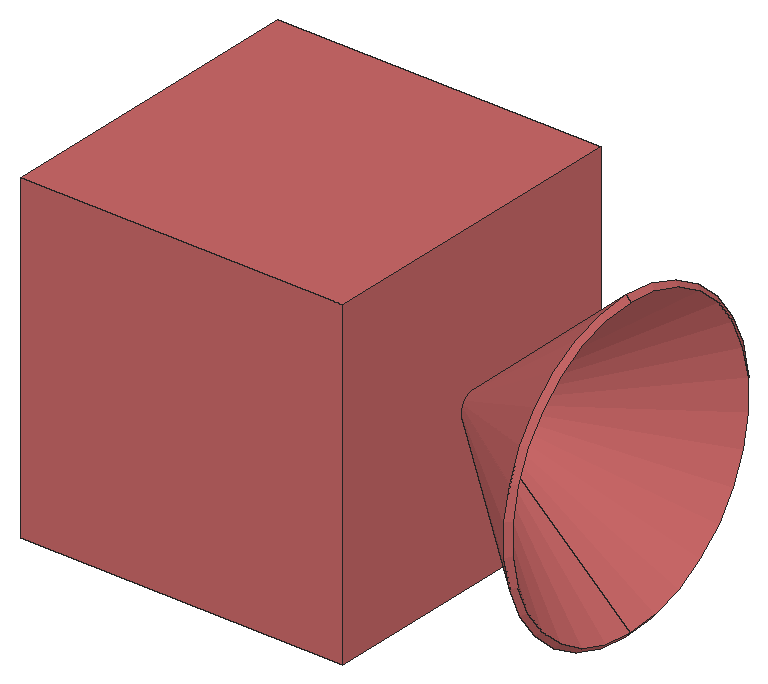
Revit family "PKNail Fire Alarm Horn", category Fire Alarm Devices, host Wall, Revit 2017
Family settings
  Host = Wall
  Maintain Annotation Orientation = Yes
  Round Connector Dimension = Use Diameter
  Part Type = Normal
  OmniClass Number = 23.85.30.21.11
  OmniClass Title = Fire Detection, Monitoring and Alarm
  Always vertical = Yes
  Cut with Voids When Loaded = No
  Shared = No
  Room Calculation Point = No
Parameters (values of type "Fire Alarm Horn")
  PKNail Family Measure Location Centered = yes
  PKNail Family Instance Elevation [instance] = 6' - 3"
  Label = "F"
  Alarm Material = Painted Metal - Red
  Assembly Code = "D5030700"
Reference planes (in)
  plane 1: y = 0
  plane 2: z = 0
  plane 3: z = 78
  plane 4 "axis": y = 7
  plane 5: x = -22.87402
  plane 6: z = 3
Forms (in)
  Extrusion 1, solid, material "Painted Metal - Red" <- "Alarm Material"
    sketch origin (-59.86499, 4, 0) x (-1, 0, 0) y (0, 0, 1)
      loop
        line (-39.99097, 81) -> (-39.99097, 75) -> (-33.99097, 75) -> (-33.99097, 81) -> (-39.99097, 81)
    from 0 to 6
  Revolve 2, solid, material "Painted Metal - Red" <- "Alarm Material"
    sketch origin (0.13501, 7, 0) x (-1, 0, 0) y (0, 0, 1)
      loop
        line (17.05225, 80.75773) -> (20.00903, 78.0814) -> (20.00903, 78.25) -> (17.13613, 80.8504) -> (17.05225, 80.75773)
      axis (20.00903, 78) -> (17.05225, 78)
    angle from 0 to 360
Lines and regions (in)
  model lines
    curve 1: arc (-22.87402, 10, 76.02227) -> (-24.85175, 10, 78) -> (-22.87402, 10, 79.97773) r 1.97773
    curve 2: arc (-22.87402, 10, 79.97773) -> (-20.89629, 10, 78) -> (-22.87402, 10, 76.02227) r 1.97773
  model lines, style "InvisibleLines"
    curve 3: line (-22.87402, 4, 75) -> (-22.87402, 4, 3)
Text (in)
  text "Placement Side" at (-62.73706, 33.21333, 0), in view "Floor Line"
  text "Exterior" at (0, 40.15149, 123.01588), in view "Right"
  text "Interior" at (0, -64.39139, 123.01588), in view "Right"
Dimensions and locks (in)
  locked: plane 4 "axis" to host wall at 3
  "PKNail Family Instance Elevation": plane 6 to plane 3
  aligned and locked: plane 6 to curve 3
  aligned and locked: Extrusion 1 to curve 3
Automatic sketch dimensions
  Extrusion 1 sketch curve to plane 3 = 0' - 3"
  Extrusion 1 sketch curve to Extrusion 1 sketch curve = 0' - 6"
  plane 3 to Extrusion 1 sketch curve = 0' - 3"
  Revolve 2 sketch curve to plane 3 = 0' - 0"
  plane 3 to Revolve 2 sketch curve = 0' - 2.75773"
  Revolve 2 sketch curve to Revolve 2 sketch curve = 0' - 1.54322"
  plane 3 to Revolve 2 sketch curve = 0' - 2.8504"
  Revolve 2 sketch curve to Revolve 2 sketch curve = 0' - 0.08388"
  Revolve 2 sketch curve to Revolve 2 sketch curve = 0' - 3"
  plane 3 to Revolve 2 sketch curve = 0' - 0.0814"
  curve 2 to plane 3 = 0' - 0"
  plane 3 to curve 1 = 0' - 1.97773"
  curve 3 to plane 5 = 0' - 0"
Nested families (in)
  nested 1: "PKNail Fire Alarm Horn Annotation" at (-22.87402, 3.79688, 0), type "PKNail Fire Alarm Horn Annotation"
Definition of nested family "PKNail Fire Alarm Horn Annotation"
  Reference planes (in)
    plane 1: y = 0
    plane 2: x = 0
  Lines and regions (in)
    detail lines
      curve 1: line (-0.07794, 0.19364, 0) -> (0.07831, 0.19364, 0)
      curve 2: line (-0.07794, 0.03739, 0) -> (0.07831, 0.03739, 0)
      curve 3: line (0.00018, 0.03739, 0) -> (0.00018, 0.00614, 0)
      curve 4: line (-0.07794, 0.03739, 0) -> (-0.07794, 0.19364, 0)
      curve 5: line (0.07831, 0.03739, 0) -> (0.07831, 0.19364, 0)
      curve 6: line (0.16334, 0.17644, 0) -> (0.16334, 0.05284, 0)
      curve 7: line (0.07831, 0.11552, 0) -> (0.16334, 0.17644, 0)
      curve 8: line (0.07831, 0.11552, 0) -> (0.16334, 0.05284, 0)
  Text (in)
    text "F" at (0.00018, 0.16172, 0)
